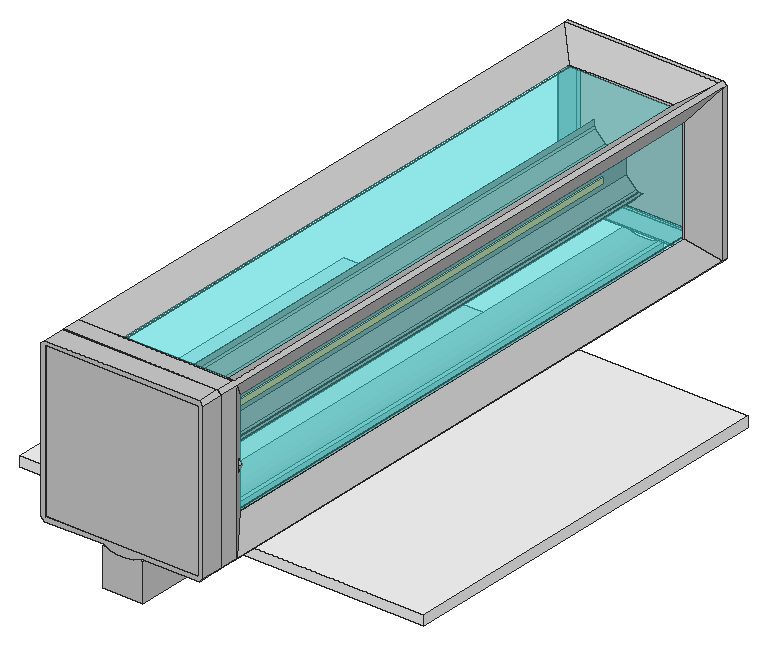
Revit family "BE_24506_de_DE", category Leuchten, Revit 2020
Family settings
  Basisbauteil = Fläche
  Bemaßung runder Anschluss = Durchmesser verwenden
  Teiletyp = Normal
  Beim Laden mit Abzugskörper schneiden = Ja
  Lichtquelle = Ja
  Gemeinsam genutzt = Nein
  Raumberechnungspunkt = Ja
Parameters (values of type "BEGA_24506_Silber_K4")
  built-in parameter 1150104 = 14.539 (stored number, unit not read)
  Wattage = 18.6 W
  Default Elevation = 0 mm
  built-in parameter 1150113 = 1 (stored number, unit not read)
  built-in parameter 1114218 = 1 (stored number, unit not read)
  Umgebungstemperatur = "25 °C"
  URL = "https://www.bega.com/de/produkt/24506"
  Typenkommentare = "© 2022 BEGA. Wir behalten uns das Recht vor, technische Änderungen ohne vorherige Ankündigung vorzunehmen."  # constant formula
  Type Image = 24506.png
  built-in parameter 1150134 = 12
  built-in parameter 1150109 = 1 (stored number, unit not read)
  Strom = ""
  built-in parameter 1150110 = 1 (stored number, unit not read)
  Spannung = 239.996 V
  Sonderanfertigung = no
  Seriennummer [instance] = "Hier können Sie die eindeutige Seriennummer für das Facility Management eintragen."
  Schutzklasse = "I"
  Schutzart = "IP 65"
  Scheinlast = 0 VA
  Produktdatenblatt = "https://cdn.bega.com/bega/products/24506AK3/current/documents/data-sheets/de"
  Oberflächentemperatur = ""
  Neigungswinkel = 0.00°
  Modell = "24506AK4"
  Material_17 = BEGA_Reflektor
  Material_15 = BEGA_Leuchtmedium_matt
  Material_12 = BEGA_Kunststoff_klar
  Material_11 = BEGA_Glas_opal
  Material_09 = BEGA_Glas_klar
  Material_06 = BEGA_Oberfläche_Edelstahl_gebürstet
  Material_05 = BEGA_Aluminium Guss
  Material_03 = BEGA_Oberfläche_Weiss_matt
  Material_02 = BEGA_Oberfläche_Silber_matt
  Material_01 [instance] = BEGA_Oberfläche_Grafit_matt
  M_W = no
  M_G = no
  M_A = yes
  Logo = 0
  built-in parameter 1114217 = 1 (stored number, unit not read)
  built-in parameter 1150139 = (empty or 0)
  built-in parameter 1150105 = 231.64 (stored number, unit not read)
  built-in parameter 1150114 = 1 (stored number, unit not read)
  Lumens = 2910.9 lm
  built-in parameter 1150115 = 1 (stored number, unit not read)
  Leuchtenlichtstrom = "1880 lm"
  Leuchtenanzahl = ""
  Lebensdauerkriterien = "L70B50 @ 25 °C = 160000 h"
  Lastklassifizierung = Beleuchtung
  built-in parameter 1150112 = 1 (stored number, unit not read)
  Lampenlichtstrom = "3345 lm"
  Lampe = "LED 18.6 W"
  LED_Modulbezeichnung = "3x LED-1312/840"
  built-in parameter 1150142 = (empty or 0)
  Hersteller = "BEGA"  # constant formula
  Halbstreuwinkel = ""
  Gewicht = "6.6 kg"
  Gebrauchslageneinschränkung [instance] = ""
  Frequenz = "0/50-60 Hz"
  Farbwiedergabeindex = "CRI > 80"
  Farbtemperaturverschiebung bei Dämpfen der Lampe = <Keine Auswahl>
  Farbtemperatur = "4000 K"
  Color Filter = 16777215
  built-in parameter 1150133 = 10 (stored number, unit not read)
  Energieeffizienzklasse = "LED A++ - A"
  built-in parameter 1150137 = (empty or 0)
  built-in parameter 1150132 = (empty or 0)
  ENEC = "ja"
  Dimmbar [instance] = "DALI"
  Datei für fotometrisches Netz = "BE_24506K4.IES"
  CE_Konformität = "ja"
  Bestellnummer = "24506AK4"
  Beschreibung_Sonderanfertigung = "Hier können Sie Informationen zur Sonderanfertigung eintragen."
  Beschreibung = "Wandleuchte"
  built-in parameter 1150106 = 2.3164 (stored number, unit not read)
  Befestigungsbohrung = "Ø 6 mm"
  Befestigungsabstand = "460 mm"
  Ballwurfsicher = ""
  BEGA_Intern_aus = yes
  BEGA_Intern_an = yes
  BEGA_Intern_Konstruktion = yes
  BEGA_Intern = yes
  BEGA_IES = yes
  BEGA_Dummy = no
  Anschlussleitung = ""
  Anschlussleistung [instance] = "22 W"
  Anschlusskasten = ""
  built-in parameter 1150107 = 4000 (stored number, unit not read)
  built-in parameter 1150102 = (empty or 0)
  built-in parameter 1150138 = (empty or 0)
  Aktualisierung = "2022-05-18T04:00:07"
  Abstand_zur_angestrahlten_Fläche [instance] = ""
  AC/DC = "AC/DC"
Types (4, lengths in mm): name | built-in parameter 1150104 | built-in parameter 1150134 | Modell | M_G | M_A | built-in parameter 1150105 | Lumens | Leuchtenlichtstrom | Lampenlichtstrom | LED_Modulbezeichnung | Farbtemperatur | Datei für fotometrisches Netz | Bestellnummer | built-in parameter 1150106 | built-in parameter 1150107
  BEGA_24506_Silber_K3 | 13.332 (stored number, unit not read) | (empty or 0) | "24506AK3" | no | yes | 212.4 (stored number, unit not read) | 2669.1 lm | "1787 lm" | "3180 lm" | "3x LED-1312/830" | "3000 K" | "BE_24506K3.IES" | "24506AK3" | 2.124 (stored number, unit not read) | 3000 (stored number, unit not read)
  BEGA_24506_Grafit_K3 | 13.332 (stored number, unit not read) | (empty or 0) | "24506K3" | yes | no | 212.4 (stored number, unit not read) | 2669.1 lm | "1787 lm" | "3180 lm" | "3x LED-1312/830" | "3000 K" | "BE_24506K3.IES" | "24506K3" | 2.124 (stored number, unit not read) | 3000 (stored number, unit not read)
  BEGA_24506_Grafit_K4 | 14.539 (stored number, unit not read) | 12 | "24506K4" | yes | no | 231.64 (stored number, unit not read) | 2910.9 lm | "1880 lm" | "3345 lm" | "3x LED-1312/840" | "4000 K" | "BE_24506K4.IES" | "24506K4" | 2.3164 (stored number, unit not read) | 4000 (stored number, unit not read)
  BEGA_24506_Silber_K4 | 14.539 (stored number, unit not read) | 12 | "24506AK4" | no | yes | 231.64 (stored number, unit not read) | 2910.9 lm | "1880 lm" | "3345 lm" | "3x LED-1312/840" | "4000 K" | "BE_24506K4.IES" | "24506AK4" | 2.3164 (stored number, unit not read) | 4000 (stored number, unit not read)
Reference planes
  plane 1 "Mitte (Vorne/Hinten)": y = 0
  plane 2: z = 0
  plane 3 "Mitte (Links/Rechts)": x = 0
  plane 4 "Links": x = -80.15
  plane 5 "Rechts": x = 80.15
  plane 6 "Unten": y = -323.415
  plane 7 "Oben": y = 323.415
  plane 8 "Vorne": z = 200
  plane 9 "Hinten": z = 0
Forms (mm)
  Extrusion 1, solid, material "BEGA_Platte_Weiss"
    sketch origin (0, -1119.2, 0) x (1, 0, 0) y (0, 1, 0)
      loop
        line (-200, 1319.2) -> (-200, 919.2) -> (200, 919.2) -> (200, 1319.2) -> (-200, 1319.2)
    from 0 to -10
  Extrusion 2, solid, material "BEGA_Dummy_matt", visible <- "BEGA_Dummy"
    sketch origin (80.095, -76.023, 0) x (1, 0, 0) y (0, 1, 0)
      loop
        line (-160.245, 399.438) -> (-160.245, -247.392) -> (0.055, -247.392) -> (0.055, 399.438) -> (-160.245, 399.438)
    from 0 to 200
Dimensions and locks
  plane 1 "Mitte (Vorne/Hinten)" to Extrusion 1 = 200 mm
  aligned and locked: plane 2 to Extrusion 1
  aligned and locked: level to Extrusion 1
Nested families
  nested 1: "BE_24506" at (0, 0, 0) x (0, -1, 0) z (0, 0, 1), type "BE_24506"
Connectors
  electrical at (0, 0, 0), driven by "Lastklassifizierung", driven by "Spannung", driven by "Scheinlast"
    settings: index 1, voltage 239.996 V, apparent load 0 VA, apparent load phase1 0 VA, apparent load phase2 0 VA, apparent load phase3 0 VA, power factor 1, load classification "Beleuchtung", number of poles 1, system type 31, power factor state 1, is connector primary yes, connector utility no, sub classification motor no, connector description ""
Definition of nested family "BE_24506"
  Parameters (values of type "BE_24506")
    Default Elevation = 1 mm
    URL = "http://www.bega.de/de/produkt"
    Type Comments = "© 2015 BEGA. Wir behalten uns das Recht vor, technische Änderungen ohne vorherige Ankündigung vorzunehmen. "  # constant formula
    Type Image = (empty or 0)
    Neigungswinkel_um_Z2 = 0.00°
    Neigungswinkel_um_Z1 = 0.00°
    Neigungswinkel_um_Y2 = 0.00°
    Neigungswinkel_um_Y1 = 0.00°
    Neigungswinkel_um_X2 = 0.00°
    Neigungswinkel_um_X1 = 0.00°
    Material_17 = none
    Material_15 = none
    Material_12 = none
    Material_11 = none
    Material_09 = none
    Material_06 = none
    Material_05 = none
    Material_02 = none
    Material_01 = none
    M_W = yes
    M_G = yes
    M_A = yes
    Länge_Platte = 800 mm  # constant formula
    Höhe_Platte = -10 mm  # constant formula
    Manufacturer = "BEGA"  # constant formula
    Drehwinkel_um_Z2 = 0.00°
    Drehwinkel_um_Z1 = 0.00°
    Breite_Platte = 200 mm  # constant formula
  Reference planes
    plane 1 "Mitte (Oben/Unten)": y = 0
    plane 2: z = 0
    plane 3 "Mitte (Links/Rechts)": x = 0
    plane 4: x = -323.415
    plane 5: x = 323.415
    plane 6: z = 199.913
    plane 7: y = 80.15
    plane 8: y = -80.15
  Forms (mm)
    Extrusion 1, solid, detail levels medium
      sketch origin (0, 0, 0) x (1, 0, 0) y (0, 1, 0)
        loop
          line (-400, 100) -> (-400, -100) -> (400, -100) -> (400, 100) -> (-400, 100)
      from 0 to -10 <- "Höhe_Platte"
    Sweep 2, solid, material <- "Material_01", visible <- "M_G", detail levels medium+fine
      path origin (0, 0, 0) x (0, 1, 0) y (0, 0, 1)
        loop
          line (80.109, 199.913) -> (-80.15, 199.913) -> (-80.15, 39.613) -> (80.151, 39.613) -> (80.109, 199.913)
      profile origin (0, -0.02, 199.913) x (0, 0, -1) y (1, 0, 0)
        loop
          line (0, -318.947) -> (0, -323.415) -> (18.685, -323.415) -> (18.685, -293.415) -> (17.568, -293.415) -> (0, -318.947)
    Extrusion 3, solid, material <- "Material_01", visible <- "M_G", detail levels medium+fine
      sketch origin (0, 0, 0) x (1, 0, 0) y (0, 0, 1)
        loop
          line (-323.415, 181.227) -> (-323.415, 58.299) -> (-318.947, 58.299) -> (-318.947, 181.227) -> (-323.415, 181.227)
      from -61.461 to 62.582
    Extrusion 4, solid, material <- "Material_01", visible <- "M_G", detail levels medium+fine
      sketch origin (0, 0, 0) x (0, 1, 0) y (0, 0, 1)
        loop
          line (-18.15, 39.381) -> (-19.981, 37.55) -> (-19.981, 0) -> (-17.481, 0) -> (-17.481, 32) -> (17.568, 32) -> (17.568, 0) -> (20.019, 0) -> (20.019, 37.55) -> (18.176, 39.394)
          arc (18.176, 39.394) -> (0.014, 35.001) -> (-18.15, 39.381) r 39.8
      from -320.067 to 322.933
    Extrusion 5, solid, material <- "Material_01", visible <- "M_G", detail levels medium+fine
      sketch origin (-442, 0, 0) x (0, 1, 0) y (0, 0, 1)
        loop
          line (20.019, 0) -> (20.019, 32) -> (-19.981, 32) -> (-19.981, 0) -> (20.019, 0)
      from 124.933 to 121.933
    Extrusion 6, solid, material <- "Material_01", visible <- "M_G", detail levels medium+fine
      sketch origin (221, 0, 0) x (0, -1, 0) y (0, 0, -1)
        loop
          line (-19.039, -39.85) -> (19.039, -39.85)
          arc (19.039, -39.85) -> (0, -35.001) -> (-19.039, -39.85) r 39.8
      from 98.933 to 102.415
    Sweep 7, solid, material <- "Material_01", visible <- "M_G", detail levels medium+fine
      path origin (0, 0, 0) x (0, 1, 0) y (0, 0, 1)
        loop
          line (80.13, 199.934) -> (-80.171, 199.934) -> (-80.171, 39.593) -> (80.172, 39.593) -> (80.13, 199.934)
      profile origin (0, -0.021, 199.934) x (0, 0, -1) y (1, 0, 0)
        loop
          line (0.021, 323.415) -> (0.021, 301.915) -> (3.18, 301.915) -> (3.18, 300.191) -> (0.051, 300.191) -> (0.051, 281.735) -> (17.378, 256.697) -> (18.674, 256.697) -> (18.674, 281.415) -> (4.17, 281.415) -> (4.17, 323.415) -> (0.021, 323.415)
    Extrusion 8, solid, material <- "Material_01", visible <- "M_G", detail levels medium+fine
      sketch origin (0, 0, 0) x (1, 0, 0) y (0, 0, 1)
        loop
          line (319.415, 196.753) -> (319.415, 43.007) -> (322.415, 43.007) -> (322.415, 196.753) -> (319.415, 196.753)
      from -76.001 to 76.908
    Extrusion 9, solid, material <- "Material_01", visible <- "M_G", detail levels medium+fine
      sketch origin (0, 0, 0) x (0, 1, 0) y (0, 0, 1)
        loop
          line (76.705, 199.913) -> (51.659, 182.375) -> (62.577, 182.375) -> (62.577, 171.464) -> (80.109, 196.501) -> (80.109, 199.913) -> (76.705, 199.913)
        loop
          line (-76.705, 199.913) -> (-80.109, 199.913) -> (-80.109, 196.501) -> (-62.577, 171.464) -> (-62.577, 182.375) -> (-51.659, 182.375) -> (-76.705, 199.913)
        loop
          line (76.663, 39.643) -> (80.121, 39.643) -> (80.121, 43.007) -> (62.788, 67.761) -> (62.788, 56.971) -> (51.916, 56.971) -> (76.663, 39.643)
        loop
          line (-76.705, 39.613) -> (-51.916, 56.971) -> (-62.793, 56.971) -> (-62.793, 67.755) -> (-80.15, 42.966) -> (-80.15, 39.613) -> (-76.705, 39.613)
      from -318.947 to 281.735
    Revolve 10, void
      sketch origin (0, 0, 0) x (1, 0, 0) y (0, 0, 1)
        loop
          line (295.415, 49.352) -> (295.415, 28.319) -> (300.415, 28.319) -> (300.415, 49.352) -> (295.415, 49.352)
        axis (300.415, 49.352) -> (300.415, 28.319)
      angle from 0 to 360
    Extrusion 11, solid, material <- "Material_12", detail levels medium+fine
      sketch origin (0, 0, 0) x (0, 1, 0) y (0, 0, 1)
        loop
          line (55, 176.263) -> (-55, 176.263)
          arc (-55, 176.263) -> (-56.061, 175.824) -> (-56.5, 174.763) r 1.5
          line (-56.5, 174.763) -> (-56.5, 64.763)
          arc (-56.5, 64.763) -> (-56.061, 63.702) -> (-55, 63.263) r 1.5
          line (-55, 63.263) -> (55, 63.263)
          arc (55, 63.263) -> (56.061, 63.702) -> (56.5, 64.763) r 1.5
          line (56.5, 64.763) -> (56.5, 174.763)
          arc (56.5, 174.763) -> (56.061, 175.824) -> (55, 176.263) r 1.5
        loop
          line (55, 179.763) -> (-55, 179.763)
          arc (-55, 179.763) -> (-58.536, 178.299) -> (-60, 174.763) r 5
          line (-60, 174.763) -> (-60, 64.763)
          arc (-60, 64.763) -> (-58.536, 61.227) -> (-55, 59.763) r 5
          line (-55, 59.763) -> (55, 59.763)
          arc (55, 59.763) -> (58.536, 61.227) -> (60, 64.763) r 5
          line (60, 64.763) -> (60, 174.763)
          arc (60, 174.763) -> (58.536, 178.299) -> (55, 179.763) r 5
      from -313.624 to 283.562
    Extrusion 12, solid, material <- "Material_15", detail levels medium+fine
      sketch origin (0, 0, 0) x (1, 0, 0) y (0, 0, 1)
        loop
          line (-253.32, 132.313) -> (236.68, 132.313) -> (236.68, 133.384) -> (-253.32, 133.384) -> (-253.32, 132.313)
      from 2.75 to -2.75
    Extrusion 13, solid, material <- "Material_05", detail levels medium+fine
      sketch origin (0, 0, 0) x (0, 1, 0) y (0, 0, 1)
        loop
          line (9.5, 130.763) -> (-9.5, 130.763) -> (-19.228, 140.491)
          arc (-19.228, 140.491) -> (-19.878, 141.464) -> (-20.107, 142.612) r 3
          line (-20.107, 142.612) -> (-20.107, 148.252)
          arc (-20.107, 148.252) -> (-21.129, 147.165) -> (-21.5, 145.719) r 3
          line (-21.5, 145.719) -> (-21.5, 144.263)
          arc (-21.5, 144.263) -> (-22.379, 142.142) -> (-24.5, 141.263) r 3
          line (-24.5, 141.263) -> (-25.956, 141.263)
          arc (-25.956, 141.263) -> (-27.402, 140.892) -> (-28.489, 139.87) r 3
          line (-28.489, 139.87) -> (-22.849, 139.87)
          arc (-22.849, 139.87) -> (-21.696, 139.639) -> (-20.721, 138.984) r 3
          line (-20.721, 138.984) -> (-11, 129.263) -> (-11, 110.263) -> (-20.721, 100.542)
          arc (-20.721, 100.542) -> (-21.696, 99.887) -> (-22.849, 99.656) r 3
          line (-22.849, 99.656) -> (-28.489, 99.656)
          arc (-28.489, 99.656) -> (-27.402, 98.634) -> (-25.956, 98.263) r 3
          line (-25.956, 98.263) -> (-24.5, 98.263)
          arc (-24.5, 98.263) -> (-22.379, 97.384) -> (-21.5, 95.263) r 3
          line (-21.5, 95.263) -> (-21.5, 93.807)
          arc (-21.5, 93.807) -> (-21.129, 92.361) -> (-20.107, 91.274) r 3
          line (-20.107, 91.274) -> (-20.107, 96.914)
          arc (-20.107, 96.914) -> (-19.878, 98.062) -> (-19.228, 99.035) r 3
          line (-19.228, 99.035) -> (-9.5, 108.763) -> (9.5, 108.763) -> (19.228, 99.035)
          arc (19.228, 99.035) -> (19.878, 98.062) -> (20.107, 96.914) r 3
          line (20.107, 96.914) -> (20.107, 91.274)
          arc (20.107, 91.274) -> (21.129, 92.361) -> (21.5, 93.807) r 3
          line (21.5, 93.807) -> (21.5, 95.263)
          arc (21.5, 95.263) -> (22.379, 97.384) -> (24.5, 98.263) r 3
          line (24.5, 98.263) -> (25.956, 98.263)
          arc (25.956, 98.263) -> (27.402, 98.634) -> (28.489, 99.656) r 3
          line (28.489, 99.656) -> (22.849, 99.656)
          arc (22.849, 99.656) -> (21.696, 99.887) -> (20.721, 100.542) r 3
          line (20.721, 100.542) -> (11, 110.263) -> (11, 129.263) -> (20.721, 138.984)
          arc (20.721, 138.984) -> (21.696, 139.639) -> (22.849, 139.87) r 3
          line (22.849, 139.87) -> (28.489, 139.87)
          arc (28.489, 139.87) -> (27.402, 140.892) -> (25.956, 141.263) r 3
          line (25.956, 141.263) -> (24.5, 141.263)
          arc (24.5, 141.263) -> (22.379, 142.142) -> (21.5, 144.263) r 3
          line (21.5, 144.263) -> (21.5, 145.719)
          arc (21.5, 145.719) -> (21.129, 147.165) -> (20.107, 148.252) r 3
          line (20.107, 148.252) -> (20.107, 142.612)
          arc (20.107, 142.612) -> (19.878, 141.464) -> (19.228, 140.491) r 3
          line (19.228, 140.491) -> (9.5, 130.763)
      from -285.148 to 278.127
    Extrusion 14, void
      sketch origin (0, 0, 0) x (0, 1, 0) y (0, 0, 1)
        loop
          line (-70.908, 125.979) -> (-77.62, 125.979) -> (-77.62, 113.573) -> (-70.908, 113.573)
          arc (-70.908, 113.573) -> (-64.545, 119.776) -> (-70.908, 125.979) r 6.205
        loop
          arc (70.908, 125.979) -> (64.545, 119.776) -> (70.908, 113.573) r 6.205
          line (70.908, 113.573) -> (77.62, 113.573) -> (77.62, 125.979) -> (70.908, 125.979)
      from 256.697 to 276.701
    Extrusion 15, solid, material <- "Material_06", detail levels fine
      sketch origin (0, 0, 0) x (0, 1, 0) y (0, 0, 1)
        loop
          circle (-70.75, 119.763) r 5
        loop
          circle (70.75, 119.763) r 5
      from 270.594 to 276.701
    Extrusion 16, solid, material <- "Material_15", detail levels medium+fine
      sketch origin (0, -135.575, 120.028) x (1, 0, 0) y (0, 0.999998, -0.002156)
        loop
          line (-253.32, 122.05) -> (236.68, 122.05) -> (236.68, 123.025) -> (-253.32, 123.025) -> (-253.32, 122.05)
      from 2.75 to -2.75
    Extrusion 17, solid, material <- "Material_15", detail levels medium+fine
      sketch origin (0, 135.575, 120.028) x (1, 0, 0) y (0, 0.999998, 0.002156)
        loop
          line (-253.32, -122.05) -> (-253.32, -123.025) -> (236.68, -123.025) -> (236.68, -122.05) -> (-253.32, -122.05)
      from 2.75 to -2.75
    Extrusion 18, solid, material <- "Material_01", visible <- "M_G", detail levels medium+fine
      sketch origin (442, 0, 0) x (0, 1, 0) y (0, 0, -1)
        loop
          line (20.019, 0) -> (-19.981, 0) -> (-19.981, -32) -> (20.019, -32) -> (20.019, 0)
      from 119.067 to 122.067
    Revolve 19, void
      sketch origin (-74.401, 66.713, 0) x (1, 0, 0) y (0, 0, 1)
        loop
          line (-248.004, 56.25) -> (-249.014, 57.26) -> (-249.014, 53.05) -> (-246.427, 53.05) -> (-246.427, 56.25) -> (-248.004, 56.25)
        axis (-249.014, 53.05) -> (-246.427, 53.05)
      angle from 0 to 360
    Revolve 20, solid, material <- "Material_06", detail levels fine
      sketch origin (-74.401, 66.713, 0) x (1, 0, 0) y (0, 0, 1)
        loop
          line (-249, 57.216) -> (-249, 53.05) -> (-248.013, 53.05) -> (-248.013, 56.229) -> (-249, 57.216)
        axis (-249, 53.05) -> (-248, 53.05)
      angle from 0 to 360
    Extrusion 21, void
      sketch origin (0, 0, 0) x (0, 1, 0) y (0, 0, 1)
        loop
          line (80.519, 195.715) -> (80.519, 200.286) -> (75.948, 200.286) -> (80.519, 195.715)
        loop
          line (-80.519, 195.715) -> (-75.948, 200.286) -> (-80.519, 200.286) -> (-80.519, 195.715)
        loop
          line (80.519, 43.811) -> (75.948, 39.24) -> (80.519, 39.24) -> (80.519, 43.811)
        loop
          line (-80.519, 43.811) -> (-80.519, 39.24) -> (-75.948, 39.24) -> (-80.519, 43.811)
      from -329.948 to 329.076
    Extrusion 22, solid, material <- "Material_01", visible <- "M_G", detail levels medium+fine
      sketch origin (0, 0, 0) x (1, 0, 0) y (0, 1, 0)
        loop
          line (-241.867, 17.568) -> (-241.867, -17.481) -> (-207.867, -17.481) -> (-207.867, 17.568) -> (-241.867, 17.568)
        loop
          arc (-223.477, -3) -> (-213.367, 0) -> (-223.477, 3) r 5.5
          line (-223.477, 3) -> (-233.057, 3)
          arc (-233.057, 3) -> (-236.057, 0) -> (-233.057, -3) r 3
          line (-233.057, -3) -> (-223.477, -3)
        loop
          line (252.133, 17.568) -> (218.133, 17.568) -> (218.133, -17.481) -> (252.133, -17.481) -> (252.133, 17.568)
        loop
          arc (236.023, -3) -> (246.133, 0) -> (236.023, 3) r 5.5
          line (236.023, 3) -> (226.633, 3)
          arc (226.633, 3) -> (223.633, 0) -> (226.633, -3) r 3
          line (226.633, -3) -> (236.023, -3)
      from 0.19 to 3
    Revolve 23, void
      sketch origin (-74.401, -66.713, 0) x (1, 0, 0) y (0, 0, -1)
        loop
          line (-248.004, -56.25) -> (-246.427, -56.25) -> (-246.427, -53.05) -> (-249.014, -53.05) -> (-249.014, -57.26) -> (-248.004, -56.25)
        axis (-249.014, -53.05) -> (-246.427, -53.05)
      angle from 0 to 360
    Revolve 24, solid, material <- "Material_06", detail levels fine
      sketch origin (-74.401, -66.713, 0) x (1, 0, 0) y (0, 0, -1)
        loop
          line (-249, -57.216) -> (-248.013, -56.229) -> (-248.013, -53.05) -> (-249, -53.05) -> (-249, -57.216)
        axis (-249, -53.05) -> (-248, -53.05)
      angle from 0 to 360
    Revolve 25, void
      sketch origin (-74.401, 66.713, 239.526) x (1, 0, 0) y (0, 0, 1)
        loop
          line (-248.004, -56.25) -> (-246.427, -56.25) -> (-246.427, -53.05) -> (-249.014, -53.05) -> (-249.014, -57.26) -> (-248.004, -56.25)
        axis (-249.014, -53.05) -> (-246.427, -53.05)
      angle from 0 to 360
    Revolve 26, solid, material <- "Material_06", detail levels fine
      sketch origin (-74.401, 66.713, 239.526) x (1, 0, 0) y (0, 0, 1)
        loop
          line (-249, -57.216) -> (-248.013, -56.229) -> (-248.013, -53.05) -> (-249, -53.05) -> (-249, -57.216)
        axis (-249, -53.05) -> (-248, -53.05)
      angle from 0 to 360
    Revolve 27, void
      sketch origin (-74.401, -66.713, 239.526) x (1, 0, 0) y (0, 0, -1)
        loop
          line (-248.004, 56.25) -> (-249.014, 57.26) -> (-249.014, 53.05) -> (-246.427, 53.05) -> (-246.427, 56.25) -> (-248.004, 56.25)
        axis (-249.014, 53.05) -> (-246.427, 53.05)
      angle from 0 to 360
    Revolve 28, solid, material <- "Material_06", detail levels fine
      sketch origin (-74.401, -66.713, 239.526) x (1, 0, 0) y (0, 0, -1)
        loop
          line (-249, 57.216) -> (-249, 53.05) -> (-248.013, 53.05) -> (-248.013, 56.229) -> (-249, 57.216)
        axis (-249, 53.05) -> (-248, 53.05)
      angle from 0 to 360
    Extrusion 29, solid, material <- "Material_02", visible <- "M_A", detail levels medium+fine
      sketch origin (0, 0, 0) x (0, 1, 0) y (0, 0, 1)
        loop
          line (-18.15, 39.381) -> (-19.981, 37.55) -> (-19.981, 0) -> (-17.481, 0) -> (-17.481, 32) -> (17.568, 32) -> (17.568, 0) -> (20.019, 0) -> (20.019, 37.55) -> (18.176, 39.394)
          arc (18.176, 39.394) -> (0.014, 35.001) -> (-18.15, 39.381) r 39.8
      from -320.067 to 322.933
    Extrusion 30, solid, material <- "Material_02", visible <- "M_A", detail levels medium+fine
      sketch origin (-442, 0, 0) x (0, 1, 0) y (0, 0, 1)
        loop
          line (20.019, 0) -> (20.019, 32) -> (-19.981, 32) -> (-19.981, 0) -> (20.019, 0)
      from 124.933 to 121.933
    Extrusion 31, solid, material <- "Material_02", visible <- "M_A", detail levels medium+fine
      sketch origin (442, 0, 0) x (0, 1, 0) y (0, 0, -1)
        loop
          line (20.019, 0) -> (-19.981, 0) -> (-19.981, -32) -> (20.019, -32) -> (20.019, 0)
      from 119.067 to 122.067
    Extrusion 32, solid, material <- "Material_02", visible <- "M_A", detail levels medium+fine
      sketch origin (0, 0, 0) x (1, 0, 0) y (0, 1, 0)
        loop
          line (-241.867, 17.568) -> (-241.867, -17.481) -> (-207.867, -17.481) -> (-207.867, 17.568) -> (-241.867, 17.568)
        loop
          arc (-223.477, -3) -> (-213.367, 0) -> (-223.477, 3) r 5.5
          line (-223.477, 3) -> (-233.057, 3)
          arc (-233.057, 3) -> (-236.057, 0) -> (-233.057, -3) r 3
          line (-233.057, -3) -> (-223.477, -3)
        loop
          line (252.133, 17.568) -> (218.133, 17.568) -> (218.133, -17.481) -> (252.133, -17.481) -> (252.133, 17.568)
        loop
          arc (236.023, -3) -> (246.133, 0) -> (236.023, 3) r 5.5
          line (236.023, 3) -> (226.633, 3)
          arc (226.633, 3) -> (223.633, 0) -> (226.633, -3) r 3
          line (226.633, -3) -> (236.023, -3)
      from 0.19 to 3
    Sweep 33, solid, material <- "Material_02", visible <- "M_A", detail levels medium+fine
      path origin (0, 0, 0) x (0, 1, 0) y (0, 0, 1)
        loop
          line (80.109, 199.913) -> (-80.15, 199.913) -> (-80.15, 39.613) -> (80.151, 39.613) -> (80.109, 199.913)
      profile origin (0, -0.02, 199.913) x (0, 0, -1) y (1, 0, 0)
        loop
          line (0, -318.947) -> (0, -323.415) -> (18.685, -323.415) -> (18.685, -293.415) -> (17.568, -293.415) -> (0, -318.947)
    Extrusion 34, solid, material <- "Material_02", visible <- "M_A", detail levels medium+fine
      sketch origin (0, 0, 0) x (1, 0, 0) y (0, 0, 1)
        loop
          line (-323.415, 181.227) -> (-323.415, 58.299) -> (-318.947, 58.299) -> (-318.947, 181.227) -> (-323.415, 181.227)
      from -61.461 to 62.582
    Extrusion 35, solid, material <- "Material_02", visible <- "M_A", detail levels medium+fine
      sketch origin (221, 0, 0) x (0, -1, 0) y (0, 0, -1)
        loop
          line (-19.039, -39.85) -> (19.039, -39.85)
          arc (19.039, -39.85) -> (0, -35.001) -> (-19.039, -39.85) r 39.8
      from 98.933 to 102.415
    Sweep 36, solid, material <- "Material_02", visible <- "M_A", detail levels medium+fine
      path origin (0, 0, 0) x (0, 1, 0) y (0, 0, 1)
        loop
          line (80.13, 199.934) -> (-80.171, 199.934) -> (-80.171, 39.593) -> (80.172, 39.593) -> (80.13, 199.934)
      profile origin (0, -0.021, 199.934) x (0, 0, -1) y (1, 0, 0)
        loop
          line (0.021, 323.415) -> (0.021, 301.915) -> (3.18, 301.915) -> (3.18, 300.191) -> (0.051, 300.191) -> (0.051, 281.735) -> (17.378, 256.697) -> (18.674, 256.697) -> (18.674, 281.415) -> (4.17, 281.415) -> (4.17, 323.415) -> (0.021, 323.415)
    Extrusion 37, solid, material <- "Material_02", visible <- "M_A", detail levels medium+fine
      sketch origin (0, 0, 0) x (1, 0, 0) y (0, 0, 1)
        loop
          line (319.415, 196.753) -> (319.415, 43.007) -> (322.415, 43.007) -> (322.415, 196.753) -> (319.415, 196.753)
      from -76.001 to 76.908
    Extrusion 38, solid, material <- "Material_02", visible <- "M_A", detail levels medium+fine
      sketch origin (0, 0, 0) x (0, 1, 0) y (0, 0, 1)
        loop
          line (76.705, 199.913) -> (51.659, 182.375) -> (62.577, 182.375) -> (62.577, 171.464) -> (80.109, 196.501) -> (80.109, 199.913) -> (76.705, 199.913)
        loop
          line (-76.705, 199.913) -> (-80.109, 199.913) -> (-80.109, 196.501) -> (-62.577, 171.464) -> (-62.577, 182.375) -> (-51.659, 182.375) -> (-76.705, 199.913)
        loop
          line (76.663, 39.643) -> (80.121, 39.643) -> (80.121, 43.007) -> (62.788, 67.761) -> (62.788, 56.971) -> (51.916, 56.971) -> (76.663, 39.643)
        loop
          line (-76.705, 39.613) -> (-51.916, 56.971) -> (-62.793, 56.971) -> (-62.793, 67.755) -> (-80.15, 42.966) -> (-80.15, 39.613) -> (-76.705, 39.613)
      from -318.947 to 281.735
  Cuts and joins
    Revolve 10 cuts Extrusion 4
    Revolve 10 cuts Extrusion 5
    joined: Extrusion 4, Extrusion 5, Extrusion 18, Extrusion 22
    Revolve 19, Extrusion 21, Revolve 23, Revolve 25, Revolve 27 cuts Sweep 2
    Revolve 19, Extrusion 21, Revolve 23, Revolve 25, Revolve 27 cuts Extrusion 3
    Revolve 19, Extrusion 21, Revolve 23, Revolve 25, Revolve 27 cuts Extrusion 6
    Extrusion 14, Revolve 19, Extrusion 21, Revolve 23, Revolve 25, Revolve 27 cuts Sweep 7
    Revolve 19, Extrusion 21, Revolve 23, Revolve 25, Revolve 27 cuts Extrusion 8
    Revolve 19, Extrusion 21, Revolve 23, Revolve 25, Revolve 27 cuts Extrusion 9
    joined: Sweep 2, Extrusion 3, Extrusion 6, Sweep 7, Extrusion 8, Extrusion 9
    Revolve 10 cuts Extrusion 29
    joined: Extrusion 29, Extrusion 30, Extrusion 31, Extrusion 32
    Revolve 19, Extrusion 21, Revolve 23, Revolve 25, Revolve 27 cuts Sweep 33
    Extrusion 14, Extrusion 21 cuts Sweep 36
    Extrusion 21 cuts Extrusion 38
    joined: Sweep 33, Extrusion 34, Extrusion 35, Sweep 36, Extrusion 37, Extrusion 38
  Dimensions and locks
    equal spacing: Extrusion 1 sketch curve, plane 3 "Mitte (Links/Rechts)", Extrusion 1 sketch curve
    equal spacing: Extrusion 1 sketch curve, plane 1 "Mitte (Oben/Unten)", Extrusion 1 sketch curve
    "Länge_Platte": Extrusion 1 sketch curve to Extrusion 1 sketch curve
    "Breite_Platte": Extrusion 1 sketch curve to Extrusion 1 sketch curve
    aligned and locked: Extrusion 1 to plane 2
    aligned and locked: level to Extrusion 1
  Automatic sketch dimensions
    level to Sweep 2 sketch curve = 39.613 mm
    Sweep 2 sketch curve to profile plane = 0 mm
    Sweep 2 sketch curve to profile plane = 17.568 mm
    Sweep 2 sketch curve to Sweep 2 sketch curve = 1.117 mm
    Sweep 2 sketch curve to plane 3 "Mitte (Links/Rechts)" = 323.415 mm
    Sweep 2 sketch curve to Sweep 2 sketch curve = 4.468 mm
    Sweep 2 sketch curve to Sweep 2 sketch curve = 30 mm
    Extrusion 3 sketch curve to Extrusion 3 sketch curve = 4.468 mm
    level to Extrusion 3 sketch curve = 58.299 mm
    Extrusion 4 sketch curve to level = 0 mm  (x2)
    Extrusion 4 sketch curve to plane 1 "Mitte (Oben/Unten)" = 0 mm
    plane 1 "Mitte (Oben/Unten)" to Extrusion 4 sketch curve = 17.481 mm
    Extrusion 4 sketch curve to Extrusion 4 sketch curve = 0.669 mm
    Extrusion 4 sketch curve to Extrusion 4 sketch curve = 1.831 mm  (x2)
    Extrusion 4 sketch curve to plane 1 "Mitte (Oben/Unten)" = 17.568 mm
    Extrusion 4 sketch curve to Extrusion 4 sketch curve = 0.608 mm
    Extrusion 4 sketch curve to Extrusion 4 sketch curve = 1.843 mm
    Extrusion 4 sketch curve to Extrusion 4 sketch curve = 32 mm
    Extrusion 4 sketch curve to Extrusion 4 sketch curve = 5.55 mm  (x2)
    Extrusion 4 sketch curve to Extrusion 4 sketch curve = 1.844 mm
    Extrusion 5 sketch curve to level = 0 mm
    plane 1 "Mitte (Oben/Unten)" to Extrusion 5 sketch curve = 19.981 mm
    Extrusion 5 sketch curve to plane 1 "Mitte (Oben/Unten)" = 20.019 mm
    Extrusion 5 sketch curve to Extrusion 5 sketch curve = 32 mm
    Extrusion 6 sketch curve to plane 1 "Mitte (Oben/Unten)" = 0 mm
    Extrusion 6 sketch curve to plane 1 "Mitte (Oben/Unten)" = 19.039 mm
    level to Extrusion 6 sketch curve = 74.801 mm
    Extrusion 6 sketch curve to Extrusion 6 sketch curve = 34.951 mm
    level to Sweep 7 sketch curve = 39.593 mm
    Sweep 7 sketch curve to profile plane = 0.021 mm
    Sweep 7 sketch curve to profile plane = 0.051 mm
    Sweep 7 sketch curve to Sweep 7 sketch curve = 3.159 mm
    Sweep 7 sketch curve to Sweep 7 sketch curve = 4.149 mm
    Sweep 7 sketch curve to profile plane = 17.378 mm
    Sweep 7 sketch curve to Sweep 7 sketch curve = 14.504 mm
    plane 3 "Mitte (Links/Rechts)" to Sweep 7 sketch curve = 256.697 mm
    Sweep 7 sketch curve to Sweep 7 sketch curve = 24.718 mm
    Sweep 7 sketch curve to Sweep 7 sketch curve = 0.32 mm
    Sweep 7 sketch curve to Sweep 7 sketch curve = 18.456 mm
    Sweep 7 sketch curve to Sweep 7 sketch curve = 1.724 mm
    Sweep 7 sketch curve to Sweep 7 sketch curve = 21.5 mm
    Extrusion 8 sketch curve to Extrusion 8 sketch curve = 3 mm
    level to Extrusion 8 sketch curve = 43.007 mm
    Extrusion 9 sketch curve to Extrusion 9 sketch curve = 3.445 mm
    Extrusion 9 sketch curve to Extrusion 9 sketch curve = 3.404 mm  (x2)
    Extrusion 9 sketch curve to Extrusion 9 sketch curve = 10.876 mm
    Extrusion 9 sketch curve to Extrusion 9 sketch curve = 10.919 mm  (x2)
    Extrusion 9 sketch curve to Extrusion 9 sketch curve = 3.459 mm
    level to Extrusion 9 sketch curve = 67.761 mm
    level to Extrusion 9 sketch curve = 67.755 mm
    Extrusion 9 sketch curve to Extrusion 9 sketch curve = 10.791 mm
    Extrusion 9 sketch curve to Extrusion 9 sketch curve = 10.784 mm
    Extrusion 9 sketch curve to Extrusion 9 sketch curve = 13.964 mm
    Extrusion 9 sketch curve to Extrusion 9 sketch curve = 14.004 mm
    Extrusion 9 sketch curve to Extrusion 9 sketch curve = 3.364 mm
    Extrusion 9 sketch curve to Extrusion 9 sketch curve = 3.353 mm
    Extrusion 9 sketch curve to Extrusion 9 sketch curve = 3.411 mm  (x2)
    Revolve 10 sketch curve to Revolve 10 sketch curve = 5 mm
    level to Revolve 10 sketch curve = 28.319 mm
    Revolve 10 sketch curve to Revolve 10 sketch curve = 21.033 mm
    Revolve 10 sketch curve to Revolve 10 sketch curve = 0 mm  (x2)
    Revolve 10 sketch curve to Revolve 10 sketch curve = 8.375 mm
    Extrusion 11 sketch curve to Extrusion 11 sketch curve = 0 mm  (x9)
    Extrusion 11 sketch curve to Extrusion 11 sketch curve = 3.5 mm
    Extrusion 11 sketch curve to Extrusion 11 sketch curve = 1.5 mm  (x3)
    level to Extrusion 11 sketch curve = 64.763 mm
    plane 1 "Mitte (Oben/Unten)" to Extrusion 13 sketch curve = 28.489 mm  (x2)
    Extrusion 13 sketch curve to Extrusion 13 sketch curve = 2.534 mm  (x5)
    Extrusion 13 sketch curve to Extrusion 13 sketch curve = 1.456 mm  (x8)
    Extrusion 13 sketch curve to Extrusion 13 sketch curve = 3.107 mm  (x2)
    Extrusion 13 sketch curve to Extrusion 13 sketch curve = 1.651 mm  (x5)
    Extrusion 13 sketch curve to Extrusion 13 sketch curve = 3 mm  (x8)
    Extrusion 13 sketch curve to Extrusion 13 sketch curve = 2.129 mm  (x4)
    Extrusion 13 sketch curve to Extrusion 13 sketch curve = 1.393 mm  (x10)
    Extrusion 13 sketch curve to Extrusion 13 sketch curve = 1.607 mm
    plane 1 "Mitte (Oben/Unten)" to Extrusion 13 sketch curve = 11 mm
    Extrusion 13 sketch curve to Extrusion 13 sketch curve = 1.5 mm  (x6)
    Extrusion 13 sketch curve to plane 1 "Mitte (Oben/Unten)" = 9.5 mm  (x2)
    Extrusion 13 sketch curve to Extrusion 13 sketch curve = 7.607 mm  (x4)
    Extrusion 13 sketch curve to Extrusion 13 sketch curve = 0.614 mm  (x2)
    Extrusion 13 sketch curve to Extrusion 13 sketch curve = 0.886 mm  (x2)
    Extrusion 13 sketch curve to Extrusion 13 sketch curve = 8.221 mm
    Extrusion 13 sketch curve to Extrusion 13 sketch curve = 19 mm  (x2)
    Extrusion 13 sketch curve to Extrusion 13 sketch curve = 2.114 mm  (x2)
    Extrusion 13 sketch curve to Extrusion 13 sketch curve = 1.493 mm  (x4)
    Extrusion 13 sketch curve to Extrusion 13 sketch curve = 0 mm  (x8)
    Extrusion 14 sketch curve to Extrusion 14 sketch curve = 6.712 mm  (x2)
    Extrusion 14 sketch curve to Extrusion 14 sketch curve = 6.203 mm  (x2)
    Extrusion 16 sketch curve to Extrusion 16 sketch curve = 0.975 mm
    Extrusion 17 sketch curve to Extrusion 17 sketch curve = 0.975 mm
    Extrusion 18 sketch curve to level = 0 mm
    plane 1 "Mitte (Oben/Unten)" to Extrusion 18 sketch curve = 19.981 mm
    Extrusion 18 sketch curve to plane 1 "Mitte (Oben/Unten)" = 20.019 mm
    Extrusion 18 sketch curve to Extrusion 18 sketch curve = 32 mm
    Revolve 19 sketch curve to Revolve 19 sketch curve = 1.01 mm  (x2)
    Revolve 19 sketch curve to Revolve 19 sketch curve = 1.577 mm
    level to Revolve 19 sketch curve = 53.05 mm
    Revolve 19 sketch curve to Revolve 19 sketch curve = 3.2 mm
    Revolve 19 sketch curve to Revolve 19 sketch curve = 0 mm  (x3)
    Revolve 20 sketch curve to Revolve 20 sketch curve = 0.987 mm  (x2)
    level to Revolve 20 sketch curve = 53.05 mm
    Revolve 20 sketch curve to Revolve 20 sketch curve = 3.179 mm
    Revolve 20 sketch curve to Revolve 20 sketch curve = 0.058 mm
    Revolve 20 sketch curve to Revolve 20 sketch curve = 0.191 mm
    Revolve 20 sketch curve to Revolve 20 sketch curve = 0 mm
    Extrusion 21 sketch curve to Extrusion 21 sketch curve = 4.571 mm  (x8)
    level to Extrusion 21 sketch curve = 39.24 mm  (x2)
    plane 1 "Mitte (Oben/Unten)" to Extrusion 22 sketch curve = 0 mm  (x4)
    plane 1 "Mitte (Oben/Unten)" to Extrusion 22 sketch curve = 3 mm  (x2)
    Extrusion 22 sketch curve to Extrusion 22 sketch curve = 9.58 mm
    Extrusion 22 sketch curve to Extrusion 22 sketch curve = 4.61 mm  (x2)
    Extrusion 22 sketch curve to Extrusion 22 sketch curve = 11 mm
    Extrusion 22 sketch curve to Extrusion 22 sketch curve = 8.5 mm
    Extrusion 22 sketch curve to Extrusion 22 sketch curve = 9.39 mm
    Extrusion 22 sketch curve to Extrusion 22 sketch curve = 14.481 mm  (x2)
    Extrusion 22 sketch curve to plane 1 "Mitte (Oben/Unten)" = 17.568 mm  (x2)
    Revolve 23 sketch curve to Revolve 23 sketch curve = 1.01 mm  (x2)
    Revolve 23 sketch curve to Revolve 23 sketch curve = 1.577 mm
    level to Revolve 23 sketch curve = 57.26 mm
    Revolve 23 sketch curve to Revolve 23 sketch curve = 3.2 mm
    Revolve 23 sketch curve to Revolve 23 sketch curve = 0 mm  (x3)
    Revolve 24 sketch curve to Revolve 24 sketch curve = 0.987 mm  (x2)
    level to Revolve 24 sketch curve = 57.216 mm
    Revolve 24 sketch curve to Revolve 24 sketch curve = 3.179 mm
    Revolve 24 sketch curve to Revolve 24 sketch curve = 0.058 mm
    Revolve 24 sketch curve to Revolve 24 sketch curve = 0.191 mm
    Revolve 24 sketch curve to Revolve 24 sketch curve = 0 mm
    Revolve 25 sketch curve to Revolve 25 sketch curve = 1.01 mm  (x2)
    Revolve 25 sketch curve to Revolve 25 sketch curve = 1.577 mm
    Revolve 25 sketch curve to Revolve 25 sketch curve = 3.2 mm
    Revolve 25 sketch curve to Revolve 25 sketch curve = 0 mm  (x3)
    Revolve 26 sketch curve to Revolve 26 sketch curve = 0.987 mm  (x2)
    Revolve 26 sketch curve to Revolve 26 sketch curve = 0.058 mm
    Revolve 26 sketch curve to Revolve 26 sketch curve = 0.191 mm
    Revolve 26 sketch curve to Revolve 26 sketch curve = 0 mm
    Revolve 27 sketch curve to Revolve 27 sketch curve = 1.01 mm  (x2)
    Revolve 27 sketch curve to Revolve 27 sketch curve = 1.577 mm
    Revolve 27 sketch curve to Revolve 27 sketch curve = 3.2 mm
    Revolve 27 sketch curve to Revolve 27 sketch curve = 0 mm  (x3)
    Revolve 28 sketch curve to Revolve 28 sketch curve = 0.987 mm  (x2)
    Revolve 28 sketch curve to Revolve 28 sketch curve = 0.058 mm
    Revolve 28 sketch curve to Revolve 28 sketch curve = 0.191 mm
    Revolve 28 sketch curve to Revolve 28 sketch curve = 0 mm
    Extrusion 12 sketch curve to Extrusion 12 sketch curve = 1.071 mm
    Extrusion 29 sketch curve to level = 0 mm  (x2)
    Extrusion 29 sketch curve to plane 1 "Mitte (Oben/Unten)" = 0 mm
    plane 1 "Mitte (Oben/Unten)" to Extrusion 29 sketch curve = 17.481 mm
    Extrusion 29 sketch curve to Extrusion 29 sketch curve = 0.669 mm
    Extrusion 29 sketch curve to Extrusion 29 sketch curve = 1.831 mm  (x2)
    Extrusion 29 sketch curve to plane 1 "Mitte (Oben/Unten)" = 17.568 mm
    Extrusion 29 sketch curve to Extrusion 29 sketch curve = 0.608 mm
    Extrusion 29 sketch curve to Extrusion 29 sketch curve = 1.843 mm
    Extrusion 29 sketch curve to Extrusion 29 sketch curve = 32 mm
    Extrusion 29 sketch curve to Extrusion 29 sketch curve = 5.55 mm  (x2)
    Extrusion 29 sketch curve to Extrusion 29 sketch curve = 1.844 mm
    Extrusion 30 sketch curve to level = 0 mm
    plane 1 "Mitte (Oben/Unten)" to Extrusion 30 sketch curve = 19.981 mm
    Extrusion 30 sketch curve to plane 1 "Mitte (Oben/Unten)" = 20.019 mm
    Extrusion 30 sketch curve to Extrusion 30 sketch curve = 32 mm
    Extrusion 31 sketch curve to level = 0 mm
    plane 1 "Mitte (Oben/Unten)" to Extrusion 31 sketch curve = 19.981 mm
    Extrusion 31 sketch curve to plane 1 "Mitte (Oben/Unten)" = 20.019 mm
    Extrusion 31 sketch curve to Extrusion 31 sketch curve = 32 mm
    plane 1 "Mitte (Oben/Unten)" to Extrusion 32 sketch curve = 0 mm  (x4)
    plane 1 "Mitte (Oben/Unten)" to Extrusion 32 sketch curve = 3 mm  (x2)
    Extrusion 32 sketch curve to Extrusion 32 sketch curve = 9.58 mm
    Extrusion 32 sketch curve to Extrusion 32 sketch curve = 4.61 mm  (x2)
    Extrusion 32 sketch curve to Extrusion 32 sketch curve = 11 mm
    Extrusion 32 sketch curve to Extrusion 32 sketch curve = 8.5 mm
    Extrusion 32 sketch curve to Extrusion 32 sketch curve = 9.39 mm
    Extrusion 32 sketch curve to Extrusion 32 sketch curve = 14.481 mm  (x2)
    Extrusion 32 sketch curve to plane 1 "Mitte (Oben/Unten)" = 17.568 mm  (x2)
    level to Sweep 33 sketch curve = 39.613 mm
    Sweep 33 sketch curve to profile plane = 0 mm
    Sweep 33 sketch curve to profile plane = 17.568 mm
    Sweep 33 sketch curve to Sweep 33 sketch curve = 1.117 mm
    Sweep 33 sketch curve to plane 3 "Mitte (Links/Rechts)" = 323.415 mm
    Sweep 33 sketch curve to Sweep 33 sketch curve = 4.468 mm
    Sweep 33 sketch curve to Sweep 33 sketch curve = 30 mm
    Extrusion 34 sketch curve to Extrusion 34 sketch curve = 4.468 mm
    level to Extrusion 34 sketch curve = 58.299 mm
    Extrusion 35 sketch curve to plane 1 "Mitte (Oben/Unten)" = 0 mm
    Extrusion 35 sketch curve to plane 1 "Mitte (Oben/Unten)" = 19.039 mm
    level to Extrusion 35 sketch curve = 74.801 mm
    Extrusion 35 sketch curve to Extrusion 35 sketch curve = 34.951 mm
    level to Sweep 36 sketch curve = 39.593 mm
    Sweep 36 sketch curve to profile plane = 0.021 mm
    Sweep 36 sketch curve to profile plane = 0.051 mm
    Sweep 36 sketch curve to Sweep 36 sketch curve = 3.159 mm
    Sweep 36 sketch curve to Sweep 36 sketch curve = 4.149 mm
    Sweep 36 sketch curve to profile plane = 17.378 mm
    Sweep 36 sketch curve to Sweep 36 sketch curve = 14.504 mm
    plane 3 "Mitte (Links/Rechts)" to Sweep 36 sketch curve = 256.697 mm
    Sweep 36 sketch curve to Sweep 36 sketch curve = 24.718 mm
    Sweep 36 sketch curve to Sweep 36 sketch curve = 0.32 mm
    Sweep 36 sketch curve to Sweep 36 sketch curve = 18.456 mm
    Sweep 36 sketch curve to Sweep 36 sketch curve = 1.724 mm
    Sweep 36 sketch curve to Sweep 36 sketch curve = 21.5 mm
    Extrusion 37 sketch curve to Extrusion 37 sketch curve = 3 mm
    level to Extrusion 37 sketch curve = 43.007 mm
    Extrusion 38 sketch curve to Extrusion 38 sketch curve = 3.445 mm
    Extrusion 38 sketch curve to Extrusion 38 sketch curve = 3.404 mm  (x2)
    Extrusion 38 sketch curve to Extrusion 38 sketch curve = 10.876 mm
    Extrusion 38 sketch curve to Extrusion 38 sketch curve = 10.919 mm  (x2)
    Extrusion 38 sketch curve to Extrusion 38 sketch curve = 3.459 mm
    level to Extrusion 38 sketch curve = 67.761 mm
    level to Extrusion 38 sketch curve = 67.755 mm
    Extrusion 38 sketch curve to Extrusion 38 sketch curve = 10.791 mm
    Extrusion 38 sketch curve to Extrusion 38 sketch curve = 10.784 mm
    Extrusion 38 sketch curve to Extrusion 38 sketch curve = 13.964 mm
    Extrusion 38 sketch curve to Extrusion 38 sketch curve = 14.004 mm
    Extrusion 38 sketch curve to Extrusion 38 sketch curve = 3.364 mm
    Extrusion 38 sketch curve to Extrusion 38 sketch curve = 3.353 mm
    Extrusion 38 sketch curve to Extrusion 38 sketch curve = 3.411 mm  (x2)
    Extrusion 3 sketch curve to plane 4 = 0 mm
    plane 4 to Extrusion 12 sketch curve = 70.095 mm
    plane 4 to Extrusion 16 sketch curve = 70.095 mm
    plane 4 to Extrusion 17 sketch curve = 70.095 mm
    Revolve 19 sketch curve to plane 4 = 0 mm
    plane 4 to Revolve 20 sketch curve = 0.014 mm
    plane 4 to Extrusion 22 sketch curve = 115.548 mm
    Extrusion 22 sketch curve to Extrusion 22 sketch curve = 8.811 mm
    Revolve 23 sketch curve to plane 4 = 0 mm
    plane 4 to Revolve 24 sketch curve = 0.014 mm
    Revolve 25 sketch curve to plane 4 = 0 mm
    plane 4 to Revolve 26 sketch curve = 0.014 mm
    Revolve 27 sketch curve to plane 4 = 0 mm
    plane 4 to Revolve 28 sketch curve = 0.014 mm
    plane 4 to Extrusion 32 sketch curve = 115.548 mm
    Extrusion 32 sketch curve to Extrusion 32 sketch curve = 8.811 mm
    Extrusion 34 sketch curve to plane 4 = 0 mm
    plane 5 to Extrusion 8 sketch curve = 4 mm
    plane 5 to Revolve 10 sketch curve = 28 mm
    plane 5 to Extrusion 12 sketch curve = 86.735 mm
    plane 5 to Extrusion 16 sketch curve = 86.735 mm
    plane 5 to Extrusion 17 sketch curve = 86.735 mm
    plane 5 to Extrusion 22 sketch curve = 105.283 mm
    Extrusion 22 sketch curve to Extrusion 22 sketch curve = 11.5 mm
    plane 5 to Extrusion 32 sketch curve = 105.283 mm
    Extrusion 32 sketch curve to Extrusion 32 sketch curve = 11.5 mm
    plane 5 to Extrusion 37 sketch curve = 4 mm
    Sweep 2 sketch curve to Sweep 2 sketch curve = 160.299 mm
    Extrusion 3 sketch curve to Extrusion 3 sketch curve = 122.929 mm
    Sweep 7 sketch curve to Sweep 7 sketch curve = 160.341 mm
    Extrusion 8 sketch curve to Extrusion 8 sketch curve = 153.746 mm
    Extrusion 9 sketch curve to Extrusion 9 sketch curve = 103.709 mm
    Extrusion 9 sketch curve to Extrusion 9 sketch curve = 103.703 mm
    Extrusion 9 sketch curve to Extrusion 9 sketch curve = 10.911 mm  (x2)
    Extrusion 9 sketch curve to Extrusion 9 sketch curve = 14.126 mm  (x2)
    level to Extrusion 12 sketch curve = 132.313 mm
    level to Extrusion 13 sketch curve = 91.274 mm
    level to Extrusion 14 sketch curve = 113.573 mm  (x2)
    level to Extrusion 15 sketch curve = 119.763 mm  (x2)
    Extrusion 21 sketch curve to Extrusion 21 sketch curve = 151.904 mm  (x2)
    level to Revolve 25 sketch curve = 182.266 mm
    level to Revolve 26 sketch curve = 182.31 mm
    Revolve 26 sketch curve to Revolve 26 sketch curve = 3.179 mm
    level to Revolve 27 sketch curve = 186.476 mm
    level to Revolve 28 sketch curve = 186.476 mm
    Revolve 28 sketch curve to Revolve 28 sketch curve = 3.179 mm
    Sweep 33 sketch curve to Sweep 33 sketch curve = 160.299 mm
    Extrusion 34 sketch curve to Extrusion 34 sketch curve = 122.929 mm
    Sweep 36 sketch curve to Sweep 36 sketch curve = 160.341 mm
    Extrusion 37 sketch curve to Extrusion 37 sketch curve = 153.746 mm
    Extrusion 38 sketch curve to Extrusion 38 sketch curve = 103.709 mm
    Extrusion 38 sketch curve to Extrusion 38 sketch curve = 103.703 mm
    Extrusion 38 sketch curve to Extrusion 38 sketch curve = 10.911 mm  (x2)
    Extrusion 38 sketch curve to Extrusion 38 sketch curve = 14.126 mm  (x2)
    Sweep 2 sketch curve to plane 1 "Mitte (Oben/Unten)" = 80.109 mm
    Sweep 2 sketch curve to plane 1 "Mitte (Oben/Unten)" = 80.151 mm
    Sweep 7 sketch curve to plane 1 "Mitte (Oben/Unten)" = 80.13 mm
    Sweep 7 sketch curve to plane 1 "Mitte (Oben/Unten)" = 80.172 mm
    Extrusion 9 sketch curve to plane 1 "Mitte (Oben/Unten)" = 51.659 mm
    Extrusion 9 sketch curve to plane 1 "Mitte (Oben/Unten)" = 51.916 mm
    Extrusion 9 sketch curve to Extrusion 9 sketch curve = 10.871 mm
    Extrusion 9 sketch curve to Extrusion 9 sketch curve = 13.875 mm
    Extrusion 9 sketch curve to Extrusion 9 sketch curve = 14.127 mm  (x2)
    Extrusion 11 sketch curve to plane 6 = 25.15 mm
    Extrusion 11 sketch curve to plane 1 "Mitte (Oben/Unten)" = 55 mm  (x2)
    Extrusion 14 sketch curve to plane 1 "Mitte (Oben/Unten)" = 70.75 mm
    Extrusion 14 sketch curve to Extrusion 14 sketch curve = 0.158 mm  (x4)
    Extrusion 15 sketch curve to plane 1 "Mitte (Oben/Unten)" = 70.75 mm
    Extrusion 21 sketch curve to plane 1 "Mitte (Oben/Unten)" = 75.948 mm  (x2)
    Sweep 33 sketch curve to plane 1 "Mitte (Oben/Unten)" = 80.109 mm
    Sweep 33 sketch curve to plane 1 "Mitte (Oben/Unten)" = 80.151 mm
    Sweep 36 sketch curve to plane 1 "Mitte (Oben/Unten)" = 80.13 mm
    Sweep 36 sketch curve to plane 1 "Mitte (Oben/Unten)" = 80.172 mm
    Extrusion 38 sketch curve to plane 1 "Mitte (Oben/Unten)" = 51.659 mm
    Extrusion 38 sketch curve to plane 1 "Mitte (Oben/Unten)" = 51.916 mm
    Extrusion 38 sketch curve to Extrusion 38 sketch curve = 10.871 mm
    Extrusion 38 sketch curve to Extrusion 38 sketch curve = 13.875 mm
    Extrusion 38 sketch curve to Extrusion 38 sketch curve = 14.127 mm  (x2)
    plane 1 "Mitte (Oben/Unten)" to Sweep 2 sketch curve = 80.15 mm
    plane 1 "Mitte (Oben/Unten)" to Sweep 7 sketch curve = 80.171 mm
    plane 1 "Mitte (Oben/Unten)" to Extrusion 9 sketch curve = 51.659 mm
    plane 1 "Mitte (Oben/Unten)" to Extrusion 9 sketch curve = 51.916 mm
    Extrusion 9 sketch curve to Extrusion 9 sketch curve = 13.912 mm
    plane 1 "Mitte (Oben/Unten)" to Extrusion 11 sketch curve = 55 mm
    plane 1 "Mitte (Oben/Unten)" to Extrusion 14 sketch curve = 70.75 mm
    plane 1 "Mitte (Oben/Unten)" to Extrusion 15 sketch curve = 70.75 mm
    plane 1 "Mitte (Oben/Unten)" to Extrusion 21 sketch curve = 75.948 mm  (x2)
    plane 1 "Mitte (Oben/Unten)" to Sweep 33 sketch curve = 80.15 mm
    plane 1 "Mitte (Oben/Unten)" to Sweep 36 sketch curve = 80.171 mm
    plane 1 "Mitte (Oben/Unten)" to Extrusion 38 sketch curve = 51.659 mm
    plane 1 "Mitte (Oben/Unten)" to Extrusion 38 sketch curve = 51.916 mm
    Extrusion 38 sketch curve to Extrusion 38 sketch curve = 13.912 mm
    radius of Extrusion 15 sketch curve = 5 mm  (x2)
